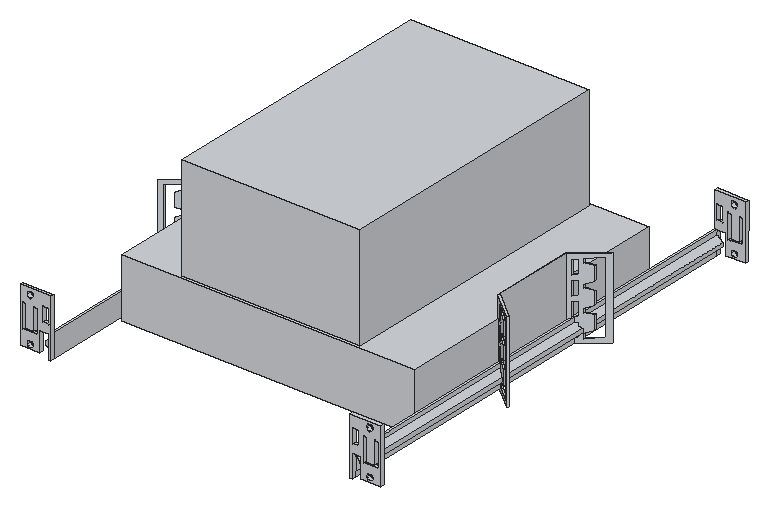
Revit family "Alcon-14135-4-O-Revit-Family", category Lighting Fixtures, host Ceiling, Revit 2021
Family settings
  Host = Ceiling
  Round Connector Dimension = Use Diameter
  Part Type = Normal
  Always vertical = Yes
  Cut with Voids When Loaded = Yes
  Light Source = Yes
  Shared = No
  Room Calculation Point = No
Parameters (values of type "Type 1")
  Wattage = 9.2903 W
  built-in parameter 1150110 = 1 (stored number, unit not read)
  built-in parameter 1114217 = 1 (stored number, unit not read)
  Tilt Angle = 60.00°
  built-in parameter 1150109 = 1 (stored number, unit not read)
  built-in parameter 1150134 = 3
  built-in parameter 1150113 = 1 (stored number, unit not read)
  built-in parameter 1010507 = 1.5708 (stored number, unit not read)
  built-in parameter 1010506 = 0.5236 (stored number, unit not read)
  Reflector = none
  Product Identity = "Alcon Lighting 14135-4-O"
  Manufacturer = "Alcon Light"
  built-in parameter 1150105 = 4614.1 (stored number, unit not read)
  Lumens = 1380 lm
  built-in parameter 1150115 = 1 (stored number, unit not read)
  Link To Product Page = "https://www.alconlighting.com/14135-4-o.html"
  Light Source Symbol Length = 10' - 0"
  Light Source = none
  built-in parameter 1150137 = (empty or 0)
  built-in parameter 1150139 = (empty or 0)
  built-in parameter 1150112 = 1 (stored number, unit not read)
  built-in parameter 1150114 = 1 (stored number, unit not read)
  built-in parameter 1150132 = (empty or 0)
  built-in parameter 1150102 = (empty or 0)
  built-in parameter 1150107 = 3200 (stored number, unit not read)
  built-in parameter 1150138 = (empty or 0)
  built-in parameter 1150106 = 46.141 (stored number, unit not read)
  Housing = none
  built-in parameter 1150104 = 13.8 (stored number, unit not read)
  Lens = none
  Dimming Lamp Color Temperature Shift = <None>
  Default Elevation = 0' - 0"
  Color Filter = 16777215
  built-in parameter 1114218 = 1 (stored number, unit not read)
  built-in parameter 1150133 = 10 (stored number, unit not read)
Reference planes (in)
  plane 1 "Center (Front/Back)": y = 0
  plane 2: z = 0
  plane 3 "Center (Left/Right)": x = 0
  plane 4 "Ceiling": z = 157.48031
Forms (in)
  Revolve 1, solid, material <- "Housing"
    sketch origin (0, 0, 0) x (1, 0, 0) y (0, 0, 1)
      loop
        line (-2.315, 157.37825) -> (-2.315, 158.11784)
        arc (-2.315, 158.11784) -> (-1.96963, 159.90844) -> (-0.98308, 161.44214) r 4.81447
        line (-0.98308, 161.44214) -> (-1.07149, 161.53055)
        arc (-1.07149, 161.53055) -> (-2.08512, 159.95627) -> (-2.44, 158.11784) r 4.93947
        line (-2.44, 158.11784) -> (-2.44, 157.48031) -> (-2.76182, 157.48031) -> (-2.76182, 157.37825) -> (-2.315, 157.37825)
      axis (0, 157.37825) -> (0, 161.53055)
    angle from 0 to 360
  Revolve 2, solid, material <- "Light Source"
    sketch origin (0, 0, 4.04922) x (1, 0, 0) y (0, 0, 1)
      loop
        line (0, 159.20873) -> (0, 159.40025) -> (-2.90741, 159.40025) -> (-2.90741, 159.20873) -> (0, 159.20873)
      axis (0, 159.20873) -> (0, 159.40025)
    angle from 0 to 360
  Extrusion 3, solid, material <- "Housing"
    sketch origin (0, 0, 157.48031) x (0, 1, 0) y (-1, 0, 0)
      loop
        line (-4.93441, 4.94097) -> (-4.93441, -4.94097) -> (4.93441, -4.94097) -> (4.93441, 4.94097) -> (-4.93441, 4.94097)
      loop
        line (-4.80941, 4.81597) -> (-4.80941, -4.81597) -> (4.80941, -4.81597) -> (4.80941, 4.81597) -> (-4.80941, 4.81597)
    from 0.71933 to 2.53659
  Extrusion 4, solid, material <- "Housing"
    sketch origin (0, 0, 157.48031) x (0, 1, 0) y (-1, 0, 0)
      loop
        line (-4.93441, 4.94097) -> (-4.93441, -4.94097) -> (4.93441, -4.94097) -> (4.93441, 4.94097) -> (-4.93441, 4.94097)
      loop
        circle (0, 0) r 2.90738
    from 2.53659 to 2.61884
  Extrusion 5, solid, material <- "Housing"
    sketch origin (0, 0, 157.48031) x (0, 1, 0) y (-1, 0, 0)
      loop
        line (-4.80941, 3.00347) -> (-4.80941, -2.99653) -> (4.80941, -2.99653) -> (4.80941, 3.00347) -> (-4.80941, 3.00347)
    from 2.61884 to 6.10716
  Extrusion 6, solid, material <- "Housing"
    sketch origin (0, 0, 157.48031) x (0, 1, 0) y (-1, 0, 0)
      loop
        line (-4.93441, 4.94097) -> (-4.93441, -4.94097) -> (4.93441, -4.94097) -> (4.93441, 4.94097) -> (-4.93441, 4.94097)
      loop
        circle (0, 0) r 2.44
    from 0.63752 to 0.71933
  Extrusion 7, void
    sketch origin (0, 0, 157.48031) x (0, 1, 0) y (-1, 0, 0)
      loop
        circle (0, 0) r 2.90738
    from 2.61884 to 5.96915
  Extrusion 8, solid, material <- "Housing"
    sketch origin (1.67888, 1.85467, 0.19356) x (1, 0, 0) y (0, 0, 1)
      loop
        line (4.39781, 158.03648) -> (4.39781, 159.87663) -> (3.35584, 159.87663) -> (3.35584, 157.92428) -> (3.44441, 157.92428) -> (3.44441, 158.70601) -> (3.73637, 158.70601) -> (3.73637, 158.03648) -> (4.39781, 158.03648)
      loop
        line (3.44441, 158.99543) -> (3.65052, 158.99543) -> (3.65052, 159.49543) -> (3.44441, 159.49543) -> (3.44441, 158.99543)
      loop
        line (4.31618, 158.54453) -> (4.31618, 159.36762) -> (4.20186, 159.36762) -> (4.20186, 158.61762) -> (3.9305, 158.61762) -> (3.9305, 159.36762) -> (3.81618, 159.36762) -> (3.81618, 158.54453) -> (4.31618, 158.54453)
      loop
        circle (4.04182, 159.68118) r 0.11132
      loop
        circle (4.04182, 158.18118) r 0.11132
    from -5.84043 to -5.72106
  Extrusion 9, solid, material <- "Housing"
    sketch origin (2.73206, -0.39533, 0) x (1, 0, 0) y (0, 0, 1)
      loop
        line (2.32609, 158.89957) -> (2.32609, 158.11784) -> (2.39122, 158.11784) -> (2.39122, 158.32322) -> (2.56408, 158.44426) -> (2.56408, 158.58056) -> (2.39122, 158.75342) -> (2.39122, 158.89957) -> (2.32609, 158.89957)
    from -7.97106 to 7.26645
  Extrusion 10, solid, material <- "Housing"
    sketch origin (1.67888, -13.50221, 0.19356) x (1, 0, 0) y (0, 0, 1)
      loop
        line (4.39781, 158.03648) -> (4.39781, 159.87663) -> (3.35584, 159.87663) -> (3.35584, 157.92428) -> (3.44441, 157.92428) -> (3.44441, 158.70601) -> (3.73637, 158.70601) -> (3.73637, 158.03648) -> (4.39781, 158.03648)
      loop
        line (3.44441, 158.99543) -> (3.65052, 158.99543) -> (3.65052, 159.49543) -> (3.44441, 159.49543) -> (3.44441, 158.99543)
      loop
        line (4.31618, 158.54453) -> (4.31618, 159.36762) -> (4.20186, 159.36762) -> (4.20186, 158.61762) -> (3.9305, 158.61762) -> (3.9305, 159.36762) -> (3.81618, 159.36762) -> (3.81618, 158.54453) -> (4.31618, 158.54453)
      loop
        circle (4.04182, 159.68118) r 0.11132
      loop
        circle (4.04182, 158.18118) r 0.11132
    from -5.84043 to -5.72106
  Extrusion 11, solid
    sketch origin (0, 0, 157.48031) x (0, 1, 0) y (-1, 0, 0)
      loop
        line (2.22574, -5.88598) -> (1.43278, -4.94097) -> (-1.43278, -4.94097) -> (-2.22574, -5.88598) -> (-2.19791, -5.91382) -> (-1.39672, -4.959) -> (1.39672, -4.959) -> (2.19791, -5.91382) -> (2.22574, -5.88598)
    from 0.63752 to 3.35606
  Extrusion 12, void
    sketch origin (0, 0, 0) x (1, 0, 0) y (0, 0, 1)
      loop
        line (5.3215, 158.2703) -> (5.77462, 158.2703) -> (5.77462, 160.71441) -> (5.3215, 160.71441) -> (5.3215, 160.56029) -> (5.54808, 160.45463) -> (5.54808, 160.0117) -> (5.3215, 159.92923) -> (5.3215, 159.80004) -> (5.54808, 159.69438) -> (5.54808, 159.29033) -> (5.3215, 159.18467) -> (5.3215, 159.05548) -> (5.54808, 158.97301) -> (5.54808, 158.53008) -> (5.3215, 158.42442) -> (5.3215, 158.2703)
      loop
        line (5.23014, 160.18684) -> (5.23014, 160.66763) -> (5.084, 160.66763) -> (5.084, 160.18684) -> (5.23014, 160.18684)
      loop
        line (5.23014, 159.55205) -> (5.23014, 160.03284) -> (5.084, 160.03284) -> (5.084, 159.55205) -> (5.23014, 159.55205)
      loop
        line (5.23014, 158.91726) -> (5.23014, 159.39805) -> (5.084, 159.39805) -> (5.084, 158.91726) -> (5.23014, 158.91726)
      loop
        line (5.23014, 158.28246) -> (5.23014, 158.76325) -> (5.084, 158.76325) -> (5.084, 158.28246) -> (5.23014, 158.28246)
    from -2.16392 to 2.22574
  Extrusion 13, solid, material <- "Housing"
    sketch origin (-1.67888, 1.85467, 0.19356) x (-1, 0, 0) y (0, 0, -1)
      loop
        line (4.39781, -158.03648) -> (3.73637, -158.03648) -> (3.73637, -158.70601) -> (3.44441, -158.70601) -> (3.44441, -157.92428) -> (3.35584, -157.92428) -> (3.35584, -159.87663) -> (4.39781, -159.87663) -> (4.39781, -158.03648)
      loop
        line (3.44441, -158.99543) -> (3.44441, -159.49543) -> (3.65052, -159.49543) -> (3.65052, -158.99543) -> (3.44441, -158.99543)
      loop
        line (4.31618, -158.54453) -> (3.81618, -158.54453) -> (3.81618, -159.36762) -> (3.9305, -159.36762) -> (3.9305, -158.61762) -> (4.20186, -158.61762) -> (4.20186, -159.36762) -> (4.31618, -159.36762) -> (4.31618, -158.54453)
      loop
        circle (4.04182, -159.68118) r 0.11132
      loop
        circle (4.04182, -158.18118) r 0.11132
    from -5.84043 to -5.72106
  Extrusion 14, solid, material <- "Housing"
    sketch origin (-2.73206, -0.39533, 0) x (-1, 0, 0) y (0, 0, -1)
      loop
        line (2.32609, -158.89957) -> (2.39122, -158.89957) -> (2.39122, -158.75342) -> (2.56408, -158.58056) -> (2.56408, -158.44426) -> (2.39122, -158.32322) -> (2.39122, -158.11784) -> (2.32609, -158.11784) -> (2.32609, -158.89957)
    from -7.97106 to 7.26645
  Extrusion 15, solid, material <- "Housing"
    sketch origin (-1.67888, -13.50221, 0.19356) x (-1, 0, 0) y (0, 0, -1)
      loop
        line (4.39781, -158.03648) -> (3.73637, -158.03648) -> (3.73637, -158.70601) -> (3.44441, -158.70601) -> (3.44441, -157.92428) -> (3.35584, -157.92428) -> (3.35584, -159.87663) -> (4.39781, -159.87663) -> (4.39781, -158.03648)
      loop
        line (3.44441, -158.99543) -> (3.44441, -159.49543) -> (3.65052, -159.49543) -> (3.65052, -158.99543) -> (3.44441, -158.99543)
      loop
        line (4.31618, -158.54453) -> (3.81618, -158.54453) -> (3.81618, -159.36762) -> (3.9305, -159.36762) -> (3.9305, -158.61762) -> (4.20186, -158.61762) -> (4.20186, -159.36762) -> (4.31618, -159.36762) -> (4.31618, -158.54453)
      loop
        circle (4.04182, -159.68118) r 0.11132
      loop
        circle (4.04182, -158.18118) r 0.11132
    from -5.84043 to -5.72106
  Extrusion 16, solid
    sketch origin (0, 0, 157.48031) x (0, -1, 0) y (1, 0, 0)
      loop
        line (-2.22574, -5.88598) -> (-2.19791, -5.91382) -> (-1.39672, -4.959) -> (1.39672, -4.959) -> (2.19791, -5.91382) -> (2.22574, -5.88598) -> (1.43278, -4.94097) -> (-1.43278, -4.94097) -> (-2.22574, -5.88598)
    from 0.63752 to 3.35606
  Extrusion 17, void
    sketch origin (0, 0, 0) x (-1, 0, 0) y (0, 0, -1)
      loop
        line (5.3215, -158.2703) -> (5.3215, -158.42442) -> (5.54808, -158.53008) -> (5.54808, -158.97301) -> (5.3215, -159.05548) -> (5.3215, -159.18467) -> (5.54808, -159.29033) -> (5.54808, -159.69438) -> (5.3215, -159.80004) -> (5.3215, -159.92923) -> (5.54808, -160.0117) -> (5.54808, -160.45463) -> (5.3215, -160.56029) -> (5.3215, -160.71441) -> (5.77462, -160.71441) -> (5.77462, -158.2703) -> (5.3215, -158.2703)
      loop
        line (5.23014, -160.18684) -> (5.084, -160.18684) -> (5.084, -160.66763) -> (5.23014, -160.66763) -> (5.23014, -160.18684)
      loop
        line (5.23014, -159.55205) -> (5.084, -159.55205) -> (5.084, -160.03284) -> (5.23014, -160.03284) -> (5.23014, -159.55205)
      loop
        line (5.23014, -158.91726) -> (5.084, -158.91726) -> (5.084, -159.39805) -> (5.23014, -159.39805) -> (5.23014, -158.91726)
      loop
        line (5.23014, -158.28246) -> (5.084, -158.28246) -> (5.084, -158.76325) -> (5.23014, -158.76325) -> (5.23014, -158.28246)
    from -2.16392 to 2.22574
Cuts and joins
  joined: Extrusion 3, Extrusion 4, Extrusion 6
  Extrusion 7 cuts Extrusion 5
  Extrusion 12, Extrusion 17 cuts Extrusion 11
  Extrusion 17 cuts Extrusion 9
  Extrusion 17 cuts Extrusion 14
  Extrusion 17 cuts Extrusion 16
Dimensions and locks (in)
  equal spacing: host sketch curve, plane 3 "Center (Left/Right)", host sketch curve
  equal spacing: host sketch curve, plane 1 "Center (Front/Back)", host sketch curve
  host sketch curve to host sketch curve = 13' - 1.48031"  (x2)
  plane 4 "Ceiling" to host ceiling = 0' - 0"
